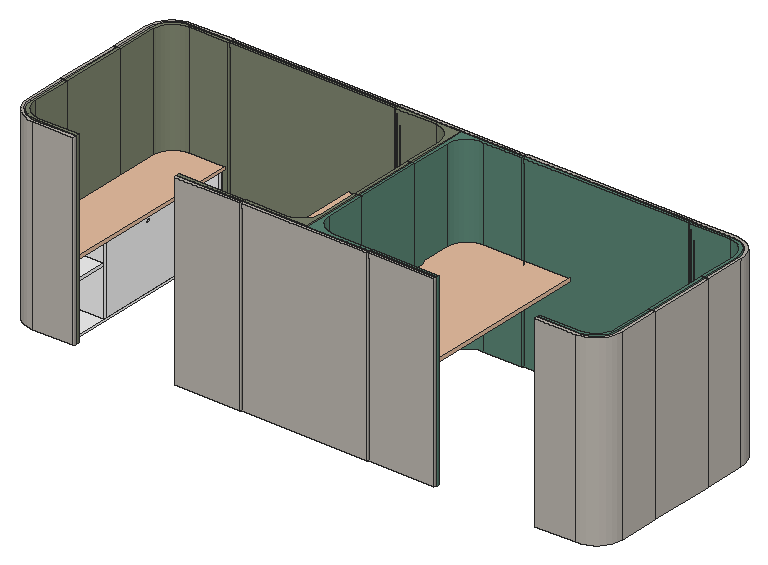
Revit family "NBS_Senator_MeetingPods_DuoAbode", category Furniture, Revit 2018
Family settings
  Work Plane-Based = No
  Always vertical = Yes
  Cut with Voids When Loaded = No
  Shared = No
  Room Calculation Point = No
Parameters
  WarrantyStartDate [instance] = "1900-12-31T23:59:59"
  WarrantyGuarantorParts = "contactus@thesenatorgroup.com"
  WarrantyGuarantorLabor = "n/a"
  WarrantyDurationUnit = "year"
  WarrantyDurationParts = "10"
  WarrantyDurationLabor = "n/a"
  WarrantyDescription = "Senator warrants that its manufactured products are free from manufacturing defects - in materials or workmanship - for a period of ten (10) years on Senator Seating ranges; and fifteen (15) years on Senator Desking ranges - exceptions are listed below. Senator will repair or replace (at Senator’s sole discretion) with comparable free of charge materials / components, any product / component, which fails under normal use in a single shift environment, as a result of a defect in the materials and / or workmanship"
  Version = "1"  # constant formula
  Uniclass2015Version = "Products v1.16"
  Uniclass2015Title = "Meeting Pods"
  Uniclass2015Code = "Pr_40_50_12_53"
  TagNumber [instance] = "n/a"
  SustainabilityPerformance = "99% recyclable"
  Style = "Meeting pods"
  StorageUnitMaterial = NBS_Senator_Wood_White
  TableTopMaterial = NBS_Senator_Wood_HighlandOak_2
  StorageTableTopMaterial = NBS_Senator_Wood_HighlandOak_2
  Status = "UNSET"
  Size = "4450 x 1500 x 1400 mm"
  Shape = "n/a"
  SerialNumber [instance] = "n/a"
  SeatWidth = "n/a"
  SeatDepth = "n/a"
  Revision = "n/a"
  ReplacementCost = "n/a"
  Reference = "n/a"
  ProductInformation = "http://www.thesenatorgroup.com/uk/senator/"
  NominalWidth = 1500 mm
  NominalLength = 1500 mm
  NominalHeight = 1400 mm
  NominalDepth = 4450 mm
  Name = "MeetingPods_DuoAbode_PDDA14_Senator"
  NBSReference = "45-35-20/342"
  NBSDescription = "Meeting pods"
  NBSCertification = "www.nationalbimlibrary.com/cert/fibzbmwh"
  ModelReference = "Pods-DuoAbode_PDDA14"
  ModelNumber = "PDDA14"
  Material = "Fabric, metal, plastic"
  ManufacturerURL = "www.senator.co.uk"
  ManufacturerName = "The Senator Group"  # constant formula
  Manufacturer = "sales@senator.co.uk"
  MainColor = "n/a"
  IsBuiltIn = no
  InstallationDate [instance] = "1900-12-31T23:59:59"
  InnerPanelMaterial2 = NBS_Senator_VirginWool_Montcrest
  InnerPanelMaterial = NBS_Senator_VirginWool_Lancaster
  OuterPanelMaterial = NBS_Senator_VirginWool_Fairfield
  KeyHoleMaterial = NBS_Senator_Polished_Aluminium
  IfcExportType = "USERDEFINED"  # constant formula
  IfcExportAs = "IfcFurnitureType"  # constant formula
  Grade = "n/a"
  FramesColour = "Black, white"
  FinishOptions = "Carini walnut, mocha, autumn, strata oak, maple, highland oak, beech, winter oak, hacienda white, white, light grey, denim, clay, lemon sorbet"
  Finish = "Outer vertical panels upholstered in camira, blazer fabric Two tone is standard"
  Features = "Internal frame with multi-layered acoustic foam, levelling adjusters, blazer fabric, outer vertical panels"
  FabricFinishOptions = "Plymouth, fairfield, latymer, lancaster, silcoates, silverdale, st andrews, trevelyan, ulster, wellington, wesley, manchester,"
  ExpectedLife = "10"
  DurationUnit = "year"
  DuoAdobeWidth = 1500 mm  # constant formula
  DuoAdobeHeight = 1400 mm
  DuoAdobeDepth = 4450 mm  # constant formula
  Description = "Duo Abode - 1400mm high"
  Constituents = "n/a"
  Color = "n/a"
  CodePerformance = "n/a"
  Category = "Pr_40_50_12_53:Meeting pods"
  BarCode [instance] = "n/a"
  BIMObjectName = "NBS_Senator_MeetingPods_DuoAbode_PDDA14"
  Author = "NBS"  # constant formula
  AssetType = "Fixed"
  AssetIdentifier [instance] = "n/a"
  Accessories = "Monitor arms, PU desk accessories, desk top accessories, CPU holders, electrical accessories, coat hanger, name plate, A2 dry wipe board with hanger, A3 dry wipe board with hanger"
  AccessibilityPerformance = "n/a"
Types (3, lengths in mm): name | TableTopMaterial | StorageTableTopMaterial | Size | NominalHeight | Name | ModelReference | ModelNumber | DuoAdobeHeight | Description | BIMObjectName
  (no name) | NBS_Senator_Wood_HighlandOak_2 | NBS_Senator_Wood_HighlandOak_2 | "4450 x 1500 x 1400 mm" | 1400 | "MeetingPods_DuoAbode_PDDA14_Senator" | "Pods-DuoAbode_PDDA14" | "PDDA14" | 1400 | "Duo Abode - 1400mm high" | "NBS_Senator_MeetingPods_DuoAbode_PDDA14"
  PDDA14 | NBS_Senator_Wood_HighlandOak_2 | NBS_Senator_Wood_HighlandOak_2 | "4450 x 1500 x 1400 mm" | 1400 | "MeetingPods_DuoAbode_PDDA14_Senator" | "Pods-DuoAbode_PDDA14" | "PDDA14" | 1400 | "Duo Abode - 1400mm high" | "NBS_Senator_MeetingPods_DuoAbode_PDDA14"
  PDDA18 | NBS_Senator_Wood_HighlandOak | NBS_Senator_Wood_HighlandOak | "4450 x 1500 x 1800 mm" | 1800 | "MeetingPods_DuoAbode_PDDA18_Senator" | "Pods-DuoAbode_PDDA18" | "PDDA18" | 1800 | "Duo Abode - 1800mm high" | "NBS_Senator_MeetingPods_DuoAbode_PDDA18"
Reference planes
  plane 1 "Center (Front/Back)": y = 0
  plane 2: z = 0
  plane 3 "Center (Left/Right)": x = 0
  plane 4 "Left": x = -2225
  plane 5 "Right": x = 2225
  plane 6 "Back": y = 750
  plane 7 "Front": y = -750
  plane 8 "Top": z = 1400
  plane 9: y = 699.15
  plane 10: y = -699.15
  plane 11: x = -2172.156
  plane 12: x = 2172.108
  plane 13: x = -824.808
  plane 14: x = 824.792
  plane 15: x = 1752.156
  plane 16: x = -1752.156
  plane 17: x = -2205
  plane 18: y = 730
  plane 19: y = -730
  plane 20: z = 8.16
  plane 21: x = 2205
  plane 22: y = -719.15
  plane 23: x = -2192.156
  plane 24: x = 2192.108
  plane 25: y = 719.15
  plane 26: x = 6.795
  plane 27: x = -6.795
  plane 28: z = 717.628
  plane 29: z = 692.628
  plane 30: x = 26.797
  plane 31: x = -26.797
Forms (mm)
  Extrusion 1, solid, material "NBS_Senator_VirginWool_Fairfield" <- "OuterPanelMaterial", detail levels medium+fine
    sketch origin (0, 0, 0) x (1, 0, 0) y (0, 1, 0)
      loop
        arc (-2225, -555) -> (-2167.886, -692.886) -> (-2030, -750) r 195
        line (-2030, -750) -> (-1727.949, -750)
        arc (-1727.949, -750) -> (-1722.923, -740.24) -> (-1726.88, -730) r 13.397
        line (-1726.88, -730) -> (-2030, -730)
        arc (-2030, -730) -> (-2153.744, -678.744) -> (-2205, -555) r 175
        line (-2205, -555) -> (-2205, -254.15)
        arc (-2205, -254.15) -> (-2215, -249.056) -> (-2225, -254.15) r 12.362
        line (-2225, -254.15) -> (-2225, -555)
      loop
        line (-2225, 243.15) -> (-2225, -243.071)
        arc (-2225, -243.071) -> (-2215, -248.166) -> (-2205, -243.071) r 12.362
        line (-2205, -243.071) -> (-2205, 243.15)
        arc (-2205, 243.15) -> (-2215, 248.151) -> (-2225, 243.15) r 12.499
      loop
        line (-2225, 555) -> (-2225, 254.15)
        arc (-2225, 254.15) -> (-2215, 249.056) -> (-2205, 254.15) r 12.362
        line (-2205, 254.15) -> (-2205, 555)
        arc (-2205, 555) -> (-2153.744, 678.744) -> (-2030, 730) r 175
        line (-2030, 730) -> (-1726.88, 730)
        arc (-1726.88, 730) -> (-1722.923, 740.24) -> (-1727.949, 750) r 13.397
        line (-1727.949, 750) -> (-2030, 750)
        arc (-2030, 750) -> (-2167.886, 692.886) -> (-2225, 555) r 195
      loop
        line (-1716.949, 730) -> (-480.65, 730)
        arc (-480.65, 730) -> (-475.617, 740) -> (-480.65, 750) r 12.451
        line (-480.65, 750) -> (-1716.949, 750)
        arc (-1716.949, 750) -> (-1721.982, 740) -> (-1716.949, 730) r 12.452
      loop
        arc (469.65, 730) -> (474.682, 740) -> (469.65, 750) r 12.451
        line (469.65, 750) -> (-469.632, 750)
        arc (-469.632, 750) -> (-474.665, 740) -> (-469.632, 730) r 12.451
        line (-469.632, 730) -> (469.65, 730)
      loop
        arc (1716.949, 730) -> (1721.982, 740) -> (1716.949, 750) r 12.452
        line (1716.949, 750) -> (480.65, 750)
        arc (480.65, 750) -> (475.617, 740) -> (480.65, 730) r 12.451
        line (480.65, 730) -> (1716.949, 730)
      loop
        arc (2225, 555) -> (2167.886, 692.886) -> (2030, 750) r 195
        line (2030, 750) -> (1727.949, 750)
        arc (1727.949, 750) -> (1722.923, 740.24) -> (1726.88, 730) r 13.397
        line (1726.88, 730) -> (2030, 730)
        arc (2030, 730) -> (2153.744, 678.744) -> (2205, 555) r 175
        line (2205, 555) -> (2205, 254.15)
        arc (2205, 254.15) -> (2215, 249.056) -> (2225, 254.15) r 12.362
        line (2225, 254.15) -> (2225, 555)
      loop
        line (2224.994, -555.018) -> (2224.997, -254.168)
        arc (2224.997, -254.168) -> (2214.997, -249.074) -> (2204.997, -254.168) r 12.362
        line (2204.997, -254.168) -> (2204.994, -555.018)
        arc (2204.994, -555.018) -> (2153.737, -678.761) -> (2029.993, -730.017) r 175
        line (2029.993, -730.017) -> (1726.873, -730.014)
        arc (1726.873, -730.014) -> (1722.916, -740.254) -> (1727.942, -750.014) r 13.397
        line (1727.942, -750.014) -> (2029.993, -750.017)
        arc (2029.993, -750.017) -> (2167.879, -692.903) -> (2224.994, -555.018) r 195
      loop
        arc (2225.001, 243.132) -> (2215.001, 248.133) -> (2205.001, 243.132) r 12.499
        line (2205.001, 243.132) -> (2204.997, -243.089)
        arc (2204.997, -243.089) -> (2214.997, -248.184) -> (2224.997, -243.089) r 12.362
        line (2224.997, -243.089) -> (2225.001, 243.132)
      loop
        line (469.65, -730) -> (-469.632, -730)
        arc (-469.632, -730) -> (-474.665, -740) -> (-469.632, -750) r 12.451
        line (-469.632, -750) -> (469.65, -750)
        arc (469.65, -750) -> (474.682, -740) -> (469.65, -730) r 12.451
      loop
        arc (-480.65, -750) -> (-475.648, -740) -> (-480.65, -730) r 12.497
        line (-480.65, -730) -> (-966.949, -730)
        arc (-966.949, -730) -> (-972.108, -740) -> (-966.949, -750) r 12.271
        line (-966.949, -750) -> (-480.65, -750)
      loop
        line (966.949, -730) -> (480.65, -730)
        arc (480.65, -730) -> (475.648, -740) -> (480.65, -750) r 12.497
        line (480.65, -750) -> (966.949, -750)
        arc (966.949, -750) -> (971.951, -740) -> (966.949, -730) r 12.497
    from 8.16 to 1400
  Extrusion 2, solid, material "NBS_Senator_VirginWool_Lancaster" <- "InnerPanelMaterial", detail levels medium+fine
    sketch origin (0, 0, 0) x (1, 0, 0) y (0, 1, 0)
      loop
        arc (-2027.156, 719.15) -> (-2143.829, 670.822) -> (-2192.156, 554.15) r 165
        line (-2192.156, 554.15) -> (-2192.156, 254.15)
        arc (-2192.156, 254.15) -> (-2182.156, 249.15) -> (-2172.156, 254.15) r 12.5
        line (-2172.156, 254.15) -> (-2172.156, 549.15)
        arc (-2172.156, 549.15) -> (-2128.222, 655.216) -> (-2022.156, 699.15) r 150
        line (-2022.156, 699.15) -> (-1727.949, 699.15)
        arc (-1727.949, 699.15) -> (-1722.949, 709.15) -> (-1727.949, 719.15) r 12.5
        line (-1727.949, 719.15) -> (-2027.156, 719.15)
      loop
        arc (-2192.156, -554.15) -> (-2143.829, -670.823) -> (-2027.156, -719.15) r 165
        line (-2027.156, -719.15) -> (-1727.949, -719.15)
        arc (-1727.949, -719.15) -> (-1722.949, -709.15) -> (-1727.949, -699.15) r 12.5
        line (-1727.949, -699.15) -> (-2022.156, -699.15)
        arc (-2022.156, -699.15) -> (-2128.222, -655.216) -> (-2172.156, -549.15) r 150
        line (-2172.156, -549.15) -> (-2172.156, -254.15)
        arc (-2172.156, -254.15) -> (-2182.156, -249.15) -> (-2192.156, -254.15) r 12.5
        line (-2192.156, -254.15) -> (-2192.156, -554.15)
      loop
        arc (-26.79, -549.149) -> (-70.724, -655.216) -> (-176.79, -699.15) r 150
        line (-176.79, -699.15) -> (-469.65, -699.15)
        arc (-469.65, -699.15) -> (-474.672, -709.15) -> (-469.65, -719.15) r 12.467
        line (-469.65, -719.15) -> (-6.795, -719.15) -> (-6.795, -252.015)
        arc (-6.795, -252.015) -> (-16.793, -247.002) -> (-26.791, -252.015) r 12.476
        line (-26.791, -252.015) -> (-26.79, -549.149)
      loop
        arc (-176.795, 699.15) -> (-70.729, 655.216) -> (-26.795, 549.15) r 150
        line (-26.795, 549.15) -> (-26.794, 256.285)
        arc (-26.794, 256.285) -> (-16.794, 251.047) -> (-6.795, 256.285) r 12.163
        line (-6.795, 256.285) -> (-6.795, 719.15) -> (-469.65, 719.15)
        arc (-469.65, 719.15) -> (-474.65, 709.15) -> (-469.65, 699.15) r 12.5
        line (-469.65, 699.15) -> (-176.795, 699.15)
      loop
        line (-2172.156, -243.15) -> (-2172.156, 243.15)
        arc (-2172.156, 243.15) -> (-2182.156, 248.15) -> (-2192.156, 243.15) r 12.5
        line (-2192.156, 243.15) -> (-2192.156, -243.15)
        arc (-2192.156, -243.15) -> (-2182.156, -248.15) -> (-2172.156, -243.15) r 12.5
      loop
        arc (-1716.949, 719.15) -> (-1721.954, 709.15) -> (-1716.949, 699.15) r 12.492
        line (-1716.949, 699.15) -> (-480.65, 699.15)
        arc (-480.65, 699.15) -> (-475.65, 709.15) -> (-480.65, 719.15) r 12.5
        line (-480.65, 719.15) -> (-1716.949, 719.15)
      loop
        line (-6.795, -241.015) -> (-6.795, 245.285)
        arc (-6.795, 245.285) -> (-16.794, 250.424) -> (-26.793, 245.285) r 12.297
        line (-26.793, 245.285) -> (-26.792, -241.02)
        arc (-26.792, -241.02) -> (-16.792, -246.016) -> (-6.795, -241.015) r 12.498
      loop
        arc (-480.65, -719.15) -> (-475.647, -709.15) -> (-480.65, -699.15) r 12.496
        line (-480.65, -699.15) -> (-966.949, -699.15)
        arc (-966.949, -699.15) -> (-971.957, -709.15) -> (-966.949, -719.15) r 12.488
        line (-966.949, -719.15) -> (-480.65, -719.15)
    from 8.16 to 1400
  Extrusion 3, solid, material "NBS_Senator_VirginWool_Fairfield" <- "OuterPanelMaterial", detail levels coarse
    sketch origin (0, 0, 0) x (1, 0, 0) y (0, 1, 0)
      loop
        arc (-2035, 755) -> (-2172.886, 697.886) -> (-2230, 560) r 195
        line (-2230, 560) -> (-2230, -562.5)
        arc (-2230, -562.5) -> (-2174.35, -696.85) -> (-2040, -752.5) r 190
        line (-2040, -752.5) -> (-1730.419, -752.5)
        arc (-1730.419, -752.5) -> (-1718.19, -724.575) -> (-1730.419, -696.65) r 38
        line (-1730.419, -696.65) -> (-2012.156, -696.65)
        arc (-2012.156, -696.65) -> (-2121.757, -651.251) -> (-2167.156, -541.65) r 155
        line (-2167.156, -541.65) -> (-2167.156, 541.65)
        arc (-2167.156, 541.65) -> (-2121.757, 651.251) -> (-2012.156, 696.65) r 155
        line (-2012.156, 696.65) -> (-178.047, 696.65)
        arc (-178.047, 696.65) -> (-71.981, 652.716) -> (-28.047, 546.65) r 150
        line (-28.047, 546.65) -> (-28.047, -549.15)
        arc (-28.047, -549.15) -> (-70.517, -651.68) -> (-173.047, -694.15) r 145
        line (-173.047, -694.15) -> (-961.474, -694.15)
        arc (-961.474, -694.15) -> (-976.708, -724.575) -> (-961.474, -755) r 38
        line (-961.474, -755) -> (961.474, -755)
        arc (961.474, -755) -> (976.708, -724.575) -> (961.474, -694.15) r 38
        line (961.474, -694.15) -> (173.828, -694.15)
        arc (173.828, -694.15) -> (71.297, -651.68) -> (28.828, -549.15) r 145
        line (28.828, -549.15) -> (28.828, 551.65)
        arc (28.828, 551.65) -> (71.297, 654.18) -> (173.828, 696.65) r 145
        line (173.828, 696.65) -> (2017.108, 696.65)
        arc (2017.108, 696.65) -> (2123.174, 652.716) -> (2167.108, 546.65) r 150
        line (2167.108, 546.65) -> (2167.108, -545.803)
        arc (2167.108, -545.803) -> (2122.926, -652.468) -> (2016.261, -696.65) r 150.846
        line (2016.261, -696.65) -> (1730.66, -696.65)
        arc (1730.66, -696.65) -> (1718.432, -724.575) -> (1730.66, -752.5) r 38
        line (1730.66, -752.5) -> (2035.821, -752.5)
        arc (2035.821, -752.5) -> (2173.126, -695.626) -> (2230, -558.321) r 194.179
        line (2230, -558.321) -> (2230, 560.935)
        arc (2230, 560.935) -> (2173.16, 698.16) -> (2035.935, 755) r 194.065
        line (2035.935, 755) -> (-2035, 755)
    from 8.16 to 1400
  Extrusion 4, solid, material "NBS_Senator_VirginWool_Montcrest" <- "InnerPanelMaterial2", detail levels medium+fine
    sketch origin (0, 0, 0) x (1, 0, 0) y (0, 1, 0)
      loop
        arc (2027.108, -719.15) -> (2143.78, -670.823) -> (2192.108, -554.15) r 165
        line (2192.108, -554.15) -> (2192.108, -254.15)
        arc (2192.108, -254.15) -> (2182.108, -249.15) -> (2172.108, -254.15) r 12.5
        line (2172.108, -254.15) -> (2172.108, -549.15)
        arc (2172.108, -549.15) -> (2128.174, -655.216) -> (2022.108, -699.15) r 150
        line (2022.108, -699.15) -> (1728.191, -699.15)
        arc (1728.191, -699.15) -> (1722.949, -709.15) -> (1728.191, -719.15) r 12.16
        line (1728.191, -719.15) -> (2027.108, -719.15)
      loop
        arc (2192.108, 554.15) -> (2143.78, 670.822) -> (2027.108, 719.15) r 165
        line (2027.108, 719.15) -> (1727.949, 719.15)
        arc (1727.949, 719.15) -> (1722.949, 709.15) -> (1727.949, 699.15) r 12.5
        line (1727.949, 699.15) -> (2022.108, 699.15)
        arc (2022.108, 699.15) -> (2128.174, 655.216) -> (2172.108, 549.15) r 150
        line (2172.108, 549.15) -> (2172.108, 254.17)
        arc (2172.108, 254.17) -> (2182.108, 249.15) -> (2192.108, 254.17) r 12.47
        line (2192.108, 254.17) -> (2192.108, 554.15)
      loop
        arc (26.795, 549.15) -> (70.729, 655.216) -> (176.795, 699.15) r 150
        line (176.795, 699.15) -> (469.65, 699.15)
        arc (469.65, 699.15) -> (474.65, 709.15) -> (469.65, 719.15) r 12.5
        line (469.65, 719.15) -> (6.795, 719.15) -> (6.795, 256.285)
        arc (6.795, 256.285) -> (16.794, 251.236) -> (26.794, 256.285) r 12.425
        line (26.794, 256.285) -> (26.795, 549.15)
      loop
        line (26.79, -549.149) -> (26.791, -252.015)
        arc (26.791, -252.015) -> (16.793, -247.01) -> (6.795, -252.015) r 12.489
        line (6.795, -252.015) -> (6.795, -719.15) -> (469.65, -719.15)
        arc (469.65, -719.15) -> (474.65, -709.15) -> (469.65, -699.15) r 12.5
        line (469.65, -699.15) -> (176.79, -699.15)
        arc (176.79, -699.15) -> (70.724, -655.216) -> (26.79, -549.149) r 150
      loop
        line (480.65, 699.15) -> (1716.949, 699.15)
        arc (1716.949, 699.15) -> (1721.949, 709.15) -> (1716.949, 719.15) r 12.5
        line (1716.949, 719.15) -> (480.65, 719.15)
        arc (480.65, 719.15) -> (475.65, 709.15) -> (480.65, 699.15) r 12.5
      loop
        line (2172.108, 243.15) -> (2172.108, -243.15)
        arc (2172.108, -243.15) -> (2182.108, -248.15) -> (2192.108, -243.15) r 12.5
        line (2192.108, -243.15) -> (2192.108, 243.15)
        arc (2192.108, 243.15) -> (2182.108, 248.15) -> (2172.108, 243.15) r 12.5
      loop
        line (966.949, -699.15) -> (480.65, -699.15)
        arc (480.65, -699.15) -> (475.462, -709.15) -> (480.65, -719.15) r 12.232
        line (480.65, -719.15) -> (966.949, -719.15)
        arc (966.949, -719.15) -> (971.952, -709.15) -> (966.949, -699.15) r 12.496
      loop
        arc (6.795, -241.015) -> (16.793, -246.028) -> (26.792, -241.015) r 12.476
        line (26.792, -241.015) -> (26.793, 245.285)
        arc (26.793, 245.285) -> (16.794, 250.285) -> (6.795, 245.285) r 12.498
        line (6.795, 245.285) -> (6.795, -241.015)
    from 0 to 1400
Dimensions and locks
  equal spacing: plane 4 "Left", plane 3 "Center (Left/Right)", plane 5 "Right"
  "DuoAdobeDepth": plane 4 "Left" to plane 5 "Right"
  equal spacing: plane 6 "Back", plane 1 "Center (Front/Back)", plane 7 "Front"
  "DuoAdobeWidth": plane 6 "Back" to plane 7 "Front"
  "DuoAdobeHeight": plane 8 "Top" to plane 2
  locked: plane 4 "Left" to plane 11 at 52.844
  locked: plane 12 to plane 5 "Right" at 52.892
  locked: plane 6 "Back" to plane 9 at 50.85
  locked: plane 10 to plane 7 "Front" at 50.85
  locked: plane 13 to plane 3 "Center (Left/Right)" at 824.808
  locked: plane 3 "Center (Left/Right)" to plane 14 at 824.792
  locked: plane 15 to plane 5 "Right" at 472.844
  locked: plane 4 "Left" to plane 16 at 472.844
  plane 20 to level = 8.16 mm
  plane 18 to plane 6 "Back" = 20 mm
  plane 4 "Left" to plane 17 = 20 mm
  plane 7 "Front" to plane 19 = 20 mm
  plane 21 to plane 5 "Right" = 20 mm
  plane 22 to plane 10 = 20 mm
  plane 23 to plane 11 = 20 mm
  plane 9 to plane 25 = 20 mm  (x2)
  locked: plane 28 to plane 29 at 25
  locked: plane 28 to level at 717.628
  plane 3 "Center (Left/Right)" to plane 30 = 26.797 mm
  plane 31 to plane 3 "Center (Left/Right)" = 26.797 mm
  equal spacing: plane 27, plane 3 "Center (Left/Right)", plane 26
  plane 12 to plane 24 = 20 mm
  aligned and locked: level to plane 2
  aligned and locked: plane 4 "Left" to Extrusion 1 sketch curve
  aligned and locked: plane 7 "Front" to Extrusion 1 sketch curve  (x2)
  aligned and locked: Extrusion 1 sketch curve to plane 4 "Left"  (x2)
  aligned and locked: plane 6 "Back" to Extrusion 1 sketch curve
  aligned and locked: Extrusion 1 sketch curve to plane 18  (x3)
  aligned and locked: plane 17 to Extrusion 1 sketch curve
  aligned and locked: Extrusion 1 sketch curve to plane 19  (x4)
  aligned and locked: plane 18 to Extrusion 1 sketch curve  (x2)
  aligned and locked: Extrusion 1 sketch curve to plane 6 "Back"  (x3)
  aligned and locked: Extrusion 1 to plane 8 "Top"
  aligned and locked: plane 20 to Extrusion 1
  aligned and locked: Extrusion 1 sketch curve to plane 7 "Front"  (x2)
  aligned and locked: plane 25 to Extrusion 2 sketch curve
  aligned and locked: plane 23 to Extrusion 2 sketch curve
  aligned and locked: Extrusion 2 sketch curve to plane 9
  aligned and locked: plane 11 to Extrusion 2 sketch curve
  aligned and locked: plane 16 to nested 1
  aligned and locked: nested 2 to plane 15
  aligned and locked: nested 2 to plane 10
  aligned and locked: nested 3 to plane 10
  aligned and locked: plane 14 to nested 4
  aligned and locked: plane 28 to nested 4
  aligned and locked: plane 28 to nested 3
  aligned and locked: plane 20 to Extrusion 2
  aligned and locked: Extrusion 2 to plane 8 "Top"
  aligned and locked: plane 27 to Extrusion 2 sketch curve  (x2)
  aligned and locked: Extrusion 3 to plane 8 "Top"
  aligned and locked: plane 20 to Extrusion 3
  aligned and locked: Extrusion 4 to plane 8 "Top"
  aligned and locked: Extrusion 4 to plane 2
Automatic sketch dimensions
  Extrusion 1 sketch curve to Extrusion 1 sketch curve = 0 mm  (x11)
  Extrusion 1 sketch curve to plane 17 = 0 mm
  Extrusion 1 sketch curve to plane 6 "Back" = 0 mm
  Extrusion 1 sketch curve to plane 5 "Right" = 0 mm
  plane 4 "Left" to Extrusion 1 sketch curve = 10 mm  (x4)
  plane 11 to Extrusion 1 sketch curve = 142.156 mm  (x2)
  Extrusion 1 sketch curve to plane 16 = 15.855 mm  (x2)
  Extrusion 1 sketch curve to Extrusion 1 sketch curve = 8.352 mm  (x2)
  Extrusion 1 sketch curve to Extrusion 1 sketch curve = 9.931 mm  (x2)
  Extrusion 1 sketch curve to Extrusion 1 sketch curve = 11 mm  (x7)
  Extrusion 1 sketch curve to Extrusion 1 sketch curve = 7.419 mm  (x9)
  plane 13 to Extrusion 1 sketch curve = 142.141 mm
  Extrusion 1 sketch curve to Extrusion 1 sketch curve = 7.111 mm
  plane 7 "Front" to Extrusion 1 sketch curve = 10 mm  (x3)
  Extrusion 1 sketch curve to plane 13 = 336.663 mm
  Extrusion 1 sketch curve to Extrusion 1 sketch curve = 7.495 mm  (x3)
  Extrusion 1 sketch curve to Extrusion 1 sketch curve = 11.018 mm  (x5)
  Extrusion 1 sketch curve to plane 14 = 134.662 mm
  plane 19 to Extrusion 1 sketch curve = 0.014 mm
  plane 15 to Extrusion 1 sketch curve = 25.283 mm
  Extrusion 1 sketch curve to plane 7 "Front" = 0.014 mm
  Extrusion 1 sketch curve to Extrusion 1 sketch curve = 1.069 mm
  plane 19 to Extrusion 1 sketch curve = 9.539 mm
  Extrusion 1 sketch curve to plane 18 = 9.525 mm
  Extrusion 1 sketch curve to plane 7 "Front" = 0.017 mm
  plane 19 to Extrusion 1 sketch curve = 0.017 mm
  Extrusion 1 sketch curve to Extrusion 1 sketch curve = 0.001 mm
  Extrusion 1 sketch curve to plane 5 "Right" = 10.003 mm  (x2)
  Extrusion 1 sketch curve to plane 5 "Right" = 10 mm
  Extrusion 1 sketch curve to plane 5 "Right" = 9.999 mm
  Extrusion 1 sketch curve to plane 5 "Right" = 0.003 mm  (x2)
  plane 5 "Right" to Extrusion 1 sketch curve = 0.001 mm
  plane 10 to Extrusion 1 sketch curve = 144.132 mm
  Extrusion 1 sketch curve to Extrusion 1 sketch curve = 7.268 mm  (x6)
  Extrusion 1 sketch curve to Extrusion 1 sketch curve = 11.079 mm  (x2)
  Extrusion 1 sketch curve to plane 1 "Center (Front/Back)" = 235.634 mm
  Extrusion 1 sketch curve to plane 1 "Center (Front/Back)" = 235.652 mm
  Extrusion 1 sketch curve to Extrusion 1 sketch curve = 7.498 mm  (x2)
  Extrusion 1 sketch curve to Extrusion 1 sketch curve = 9.421 mm  (x2)
  Extrusion 1 sketch curve to plane 6 "Back" = 10 mm  (x2)
  Extrusion 1 sketch curve to plane 13 = 336.74 mm
  plane 14 to Extrusion 1 sketch curve = 362.561 mm  (x2)
  plane 15 to Extrusion 1 sketch curve = 42.626 mm
  Extrusion 1 sketch curve to plane 12 = 142.115 mm
  Extrusion 1 sketch curve to plane 12 = 142.113 mm
  Extrusion 1 sketch curve to plane 12 = 142.108 mm
  Extrusion 1 sketch curve to plane 5 "Right" = 20.006 mm
  Extrusion 1 sketch curve to Extrusion 1 sketch curve = 10 mm
  plane 1 "Center (Front/Back)" to Extrusion 1 sketch curve = 261.435 mm
  plane 1 "Center (Front/Back)" to Extrusion 1 sketch curve = 261.417 mm
  Extrusion 2 sketch curve to plane 23 = 0 mm  (x2)
  Extrusion 2 sketch curve to plane 11 = 0 mm  (x2)
  plane 22 to Extrusion 2 sketch curve = 0 mm  (x2)
  Extrusion 2 sketch curve to plane 10 = 0 mm  (x3)
  Extrusion 2 sketch curve to plane 9 = 0 mm  (x2)
  plane 25 to Extrusion 2 sketch curve = 0 mm  (x2)
  Extrusion 2 sketch curve to plane 27 = 0 mm
  Extrusion 2 sketch curve to plane 11 = 10 mm  (x4)
  Extrusion 2 sketch curve to plane 9 = 145 mm
  plane 11 to Extrusion 2 sketch curve = 145 mm
  Extrusion 2 sketch curve to Extrusion 2 sketch curve = 5 mm  (x2)
  Extrusion 2 sketch curve to plane 16 = 16.707 mm  (x2)
  Extrusion 2 sketch curve to Extrusion 2 sketch curve = 7.5 mm  (x7)
  Extrusion 2 sketch curve to Extrusion 2 sketch curve = 11 mm  (x10)
  Extrusion 2 sketch curve to Extrusion 2 sketch curve = 7.487 mm
  plane 13 to Extrusion 2 sketch curve = 142.141 mm
  Extrusion 2 sketch curve to Extrusion 2 sketch curve = 0 mm
  Extrusion 2 sketch curve to Extrusion 2 sketch curve = 7.481 mm
  plane 9 to Extrusion 2 sketch curve = 10 mm
  Extrusion 2 sketch curve to plane 13 = 336.659 mm
  Extrusion 2 sketch curve to plane 10 = 10 mm
  Extrusion 2 sketch curve to plane 13 = 336.666 mm
  Extrusion 2 sketch curve to Extrusion 2 sketch curve = 7.499 mm  (x3)
  Extrusion 2 sketch curve to Extrusion 2 sketch curve = 7.493 mm
  Extrusion 2 sketch curve to Extrusion 2 sketch curve = 7.445 mm
  Extrusion 2 sketch curve to plane 31 = 149.998 mm
  Extrusion 2 sketch curve to plane 31 = 149.993 mm
  plane 31 to Extrusion 2 sketch curve = 0.002 mm
  plane 31 to Extrusion 2 sketch curve = 0.004 mm  (x2)
  plane 31 to Extrusion 2 sketch curve = 0.006 mm  (x2)
  plane 31 to Extrusion 2 sketch curve = 0.007 mm
  Extrusion 2 sketch curve to plane 27 = 10 mm
  Extrusion 2 sketch curve to plane 27 = 9.999 mm  (x2)
  Extrusion 2 sketch curve to plane 27 = 9.998 mm
  plane 1 "Center (Front/Back)" to Extrusion 2 sketch curve = 261.65 mm
  Extrusion 2 sketch curve to Extrusion 2 sketch curve = 7.463 mm
  Extrusion 2 sketch curve to Extrusion 2 sketch curve = 10.995 mm
  Extrusion 2 sketch curve to plane 1 "Center (Front/Back)" = 235.65 mm
  Extrusion 2 sketch curve to Extrusion 2 sketch curve = 7.158 mm
  Extrusion 2 sketch curve to Extrusion 2 sketch curve = 6.925 mm
  Extrusion 2 sketch curve to plane 22 = 0 mm
  Extrusion 3 sketch curve to plane 4 "Left" = 5 mm
  plane 11 to Extrusion 3 sketch curve = 5 mm
  Extrusion 3 sketch curve to Extrusion 3 sketch curve = 127.156 mm
  Extrusion 3 sketch curve to Extrusion 3 sketch curve = 132.156 mm
  plane 10 to Extrusion 3 sketch curve = 2.5 mm  (x2)
  Extrusion 3 sketch curve to Extrusion 3 sketch curve = 27.844 mm
  Extrusion 3 sketch curve to Extrusion 3 sketch curve = 22.844 mm
  plane 16 to Extrusion 3 sketch curve = 4.034 mm
  Extrusion 3 sketch curve to plane 7 "Front" = 2.5 mm  (x2)
  Extrusion 3 sketch curve to plane 16 = 21.738 mm  (x2)
  Extrusion 3 sketch curve to plane 7 "Front" = 5 mm
  plane 13 to Extrusion 3 sketch curve = 136.666 mm
  plane 10 to Extrusion 3 sketch curve = 5 mm  (x2)
  Extrusion 3 sketch curve to Extrusion 3 sketch curve = 0 mm
  Extrusion 3 sketch curve to Extrusion 3 sketch curve = 22.767 mm  (x3)
  Extrusion 3 sketch curve to plane 31 = 151.25 mm
  Extrusion 3 sketch curve to plane 31 = 146.25 mm
  Extrusion 3 sketch curve to plane 31 = 1.25 mm
  plane 30 to Extrusion 3 sketch curve = 2.031 mm
  Extrusion 3 sketch curve to Extrusion 3 sketch curve = 145 mm  (x2)
  Extrusion 3 sketch curve to plane 14 = 113.916 mm
  plane 15 to Extrusion 3 sketch curve = 21.496 mm  (x2)
  Extrusion 3 sketch curve to plane 15 = 4.276 mm
  Extrusion 3 sketch curve to plane 12 = 155.846 mm
  Extrusion 3 sketch curve to plane 12 = 155 mm
  Extrusion 3 sketch curve to Extrusion 3 sketch curve = 19.559 mm
  plane 6 "Back" to Extrusion 3 sketch curve = 5 mm
  Extrusion 3 sketch curve to Extrusion 3 sketch curve = 18.827 mm
  Extrusion 3 sketch curve to plane 12 = 5 mm
  plane 5 "Right" to Extrusion 3 sketch curve = 5 mm
  Extrusion 3 sketch curve to Extrusion 3 sketch curve = 18.35 mm
  Extrusion 3 sketch curve to Extrusion 3 sketch curve = 14.285 mm
  Extrusion 2 sketch curve to Extrusion 2 sketch curve = 0.001 mm
  plane 1 "Center (Front/Back)" to Extrusion 2 sketch curve = 259.478 mm
  Extrusion 2 sketch curve to plane 1 "Center (Front/Back)" = 238.127 mm
  Extrusion 2 sketch curve to plane 9 = 149.999 mm
  Extrusion 4 sketch curve to plane 10 = 0 mm  (x3)
  Extrusion 4 sketch curve to plane 9 = 0 mm  (x3)
  Extrusion 4 sketch curve to plane 12 = 0 mm  (x3)
  Extrusion 4 sketch curve to plane 10 = 20 mm  (x2)
  Extrusion 4 sketch curve to plane 12 = 145 mm  (x2)
  Extrusion 4 sketch curve to Extrusion 4 sketch curve = 5 mm  (x3)
  plane 15 to Extrusion 4 sketch curve = 16.707 mm
  plane 15 to Extrusion 4 sketch curve = 17.048 mm
  Extrusion 4 sketch curve to Extrusion 4 sketch curve = 6.918 mm  (x2)
  Extrusion 4 sketch curve to Extrusion 4 sketch curve = 7.5 mm  (x8)
  Extrusion 4 sketch curve to Extrusion 4 sketch curve = 11 mm  (x9)
  Extrusion 4 sketch curve to plane 14 = 142.157 mm
  Extrusion 4 sketch curve to Extrusion 4 sketch curve = 0 mm  (x2)
  Extrusion 4 sketch curve to Extrusion 4 sketch curve = 7.493 mm
  plane 9 to Extrusion 4 sketch curve = 10 mm  (x2)
  plane 14 to Extrusion 4 sketch curve = 336.643 mm
  Extrusion 4 sketch curve to plane 10 = 10 mm
  plane 14 to Extrusion 4 sketch curve = 337.098 mm
  Extrusion 4 sketch curve to Extrusion 4 sketch curve = 7.044 mm  (x2)
  Extrusion 4 sketch curve to Extrusion 4 sketch curve = 7.499 mm  (x2)
  plane 30 to Extrusion 4 sketch curve = 149.998 mm
  plane 30 to Extrusion 4 sketch curve = 149.993 mm
  Extrusion 4 sketch curve to plane 30 = 0.002 mm
  Extrusion 4 sketch curve to plane 30 = 0.004 mm  (x2)
  Extrusion 4 sketch curve to plane 30 = 0.006 mm  (x2)
  Extrusion 4 sketch curve to plane 30 = 0.007 mm
  Extrusion 4 sketch curve to plane 30 = 10.003 mm  (x2)
  Extrusion 4 sketch curve to plane 30 = 10.004 mm  (x2)
  plane 3 "Center (Left/Right)" to Extrusion 4 sketch curve = 6.795 mm  (x3)
  plane 12 to Extrusion 4 sketch curve = 10 mm  (x4)
  plane 12 to Extrusion 4 sketch curve = 20 mm
  Extrusion 4 sketch curve to Extrusion 4 sketch curve = 10 mm
  Extrusion 4 sketch curve to Extrusion 4 sketch curve = 0.001 mm
  plane 1 "Center (Front/Back)" to Extrusion 4 sketch curve = 261.65 mm
  plane 1 "Center (Front/Back)" to Extrusion 4 sketch curve = 259.499 mm
  Extrusion 4 sketch curve to Extrusion 4 sketch curve = 7.484 mm
  Extrusion 4 sketch curve to Extrusion 4 sketch curve = 7.463 mm
  Extrusion 4 sketch curve to plane 1 "Center (Front/Back)" = 235.65 mm
  Extrusion 4 sketch curve to plane 1 "Center (Front/Back)" = 237.787 mm
  Extrusion 4 sketch curve to Extrusion 4 sketch curve = 7.498 mm
  Extrusion 4 sketch curve to Extrusion 4 sketch curve = 11.02 mm
  Extrusion 4 sketch curve to Extrusion 4 sketch curve = 7.45 mm
  Extrusion 4 sketch curve to Extrusion 4 sketch curve = 7.376 mm
  Extrusion 4 sketch curve to plane 9 = 149.999 mm
Nested families
  nested 1: "NBS_Senator_StorageUnit_PDASF2" at (-1962.156, 0.85, 0) x (0, 1, 0) z (0, 0, 1), type "NBS_Senator_StorageUnit_PDASF2"
  nested 2: "NBS_Senator_StorageUnit_PDASF2" at (1962.156, 0.85, 0) x (0, -1, 0) z (0, 0, 1), type "NBS_Senator_StorageUnit_PDASF2"
  nested 3: "NBS_Senator_MeetingPods_Desk_PDSAT2" at (-424.808, 0.85, 692.628) x (0, -1, 0) z (0, 0, 1), type "NBS_Senator_Desk_PDSAT2"
  nested 4: "NBS_Senator_MeetingPods_Desk_PDSAT2" at (424.792, 0.85, 692.628) x (0, 1, 0) z (0, 0, 1), type "NBS_Senator_Desk_PDSAT2"
Definition of nested family "NBS_Senator_StorageUnit_PDASF2"
  Parameters (values of type "NBS_Senator_StorageUnit_PDASF2")
    StorageUnitMaterial = none
    StorageUnitDepth = 420 mm
    StorageUnitWidth = 1400 mm
    StorageUnitHeight = 560 mm
    StorageUnitDeskTopMaterial = none
    KeyHoleMaterial = none
  Reference planes
    plane 1 "Center (Front/Back)": y = 0
    plane 2: z = 0
    plane 3 "Center (Left/Right)": x = 0
    plane 4 "Back": y = 210
    plane 5 "Front": y = -210
    plane 6 "Left": x = -700
    plane 7 "Right": x = 700
    plane 8 "Top": z = 560
    plane 9: z = 535
  Forms (mm)
    Extrusion 1, solid, material <- "StorageUnitMaterial", detail levels coarse
      sketch origin (0, 0, 0) x (1, 0, 0) y (0, 1, 0)
        loop
          arc (-550, 210) -> (-656.066, 166.066) -> (-700, 60) r 150
          line (-700, 60) -> (-700, -210) -> (700, -210) -> (700, 60)
          arc (700, 60) -> (656.066, 166.066) -> (550, 210) r 150
          line (550, 210) -> (-550, 210)
      from 0 to 535
    Extrusion 2, solid, material <- "StorageUnitDeskTopMaterial"
      sketch origin (0, 0, 0) x (1, 0, 0) y (0, 1, 0)
        loop
          arc (-550, 210) -> (-656.066, 166.066) -> (-700, 60) r 150
          line (-700, 60) -> (-700, -210) -> (700, -210) -> (700, 60)
          arc (700, 60) -> (656.066, 166.066) -> (550, 210) r 150
          line (550, 210) -> (-550, 210)
      from 535 to 560
    Extrusion 3, solid, material <- "StorageUnitMaterial", detail levels medium+fine
      sketch origin (0, 0, 0) x (1, 0, 0) y (0, 0, 1)
        loop
          line (-406.85, 393) -> (-667.027, 393) -> (-667.027, 375) -> (-406.85, 375) -> (-406.85, 393)
        loop
          line (666.983, 393) -> (406.806, 393) -> (406.806, 375) -> (666.983, 375) -> (666.983, 393)
      from -42.048 to 188.834
    Extrusion 4, solid, material <- "StorageUnitMaterial", detail levels medium+fine
      sketch origin (0, 0, 0) x (1, 0, 0) y (0, 1, 0)
        loop
          line (-700, -189.952) -> (700, -189.952) -> (700, 57.213) -> (-700, 57.213) -> (-700, -189.952)
      from 0 to 16
    Extrusion 5, solid, material <- "StorageUnitMaterial", detail levels medium+fine
      sketch origin (0, 0, -165) x (1, 0, 0) y (0, 1, 0)
        loop
          line (-390.85, -173.834) -> (-390.85, -188.834) -> (390.806, -188.834) -> (390.806, -173.834) -> (-390.85, -173.834)
      from 181 to 700
    Extrusion 6, solid, material <- "StorageUnitMaterial", detail levels medium+fine
      sketch origin (0, 0, 0) x (1, 0, 0) y (0, 1, 0)
        loop
          line (-683.027, 42.213) -> (683.095, 42.213) -> (683.095, -189.952) -> (700, -189.952) -> (700, 57.213) -> (-700, 57.213) -> (-700, -189.952) -> (-683.027, -189.952) -> (-683.027, 42.213)
      from 16 to 535
    Extrusion 7, solid, material <- "StorageUnitMaterial"
      sketch origin (0, 0, 0) x (1, 0, 0) y (0, 1, 0)
        loop
          line (-683.027, -189.952) -> (-667.027, -189.952) -> (-667.027, 42.213) -> (-683.027, 42.213) -> (-683.027, -189.952)
        loop
          line (-406.777, -189.952) -> (-390.777, -189.952) -> (-390.777, 42.213) -> (-406.777, 42.213) -> (-406.777, -189.952)
        loop
          line (390.806, -189.952) -> (406.806, -189.952) -> (406.806, 42.213) -> (390.806, 42.213) -> (390.806, -189.952)
        loop
          line (667.056, -189.952) -> (683.056, -189.952) -> (683.056, 42.213) -> (667.056, 42.213) -> (667.056, -189.952)
      from 16 to 535
    Blend 8, solid, material <- "KeyHoleMaterial", detail levels fine
      base sketch origin (0, 0, 0) x (1, 0, 0) y (0, 0, 1)
        loop
          line (-5.774, 510) -> (-11.547, 500) -> (-5.774, 490) -> (5.774, 490) -> (11.547, 500) -> (5.774, 510) -> (-5.774, 510)
      top sketch origin (0, 0, 0) x (1, 0, 0) y (0, 0, 1)
        loop
          line (-3.849, 506.667) -> (-7.698, 500) -> (-3.849, 493.333) -> (3.849, 493.333) -> (7.698, 500) -> (3.849, 506.667) -> (-3.849, 506.667)
      from 188.834 to 193.303
  Dimensions and locks
    equal spacing: plane 6 "Left", plane 3 "Center (Left/Right)", plane 7 "Right"
    "StorageUnitWidth": plane 6 "Left" to plane 7 "Right"
    equal spacing: plane 4 "Back", plane 1 "Center (Front/Back)", plane 5 "Front"
    "StorageUnitDepth": plane 4 "Back" to plane 5 "Front"
    "StorageUnitHeight": plane 8 "Top" to level
    locked: plane 8 "Top" to plane 9 at 25
    aligned and locked: level to plane 2
    aligned and locked: Extrusion 1 sketch curve to plane 4 "Back"
    aligned and locked: plane 5 "Front" to Extrusion 1 sketch curve
    aligned and locked: plane 6 "Left" to Extrusion 1 sketch curve
    aligned and locked: Extrusion 1 sketch curve to plane 7 "Right"
    aligned and locked: plane 9 to Extrusion 1
    aligned and locked: Extrusion 2 sketch curve to plane 4 "Back"
    aligned and locked: plane 5 "Front" to Extrusion 2 sketch curve
    aligned and locked: Extrusion 2 sketch curve to plane 7 "Right"
    aligned and locked: plane 6 "Left" to Extrusion 2 sketch curve
    aligned and locked: plane 8 "Top" to Extrusion 2
    aligned and locked: Extrusion 2 to plane 9
    aligned and locked: plane 6 "Left" to Extrusion 4 sketch curve
    aligned and locked: Extrusion 4 sketch curve to plane 7 "Right"
    aligned and locked: plane 9 to Extrusion 6
    aligned and locked: plane 9 to Extrusion 7
    aligned and locked: Extrusion 7 to Extrusion 5
    aligned and locked: Blend 8 to Extrusion 5
    aligned and locked: Extrusion 4 sketch curve to Extrusion 6
  Automatic sketch dimensions
    Extrusion 1 sketch curve to plane 1 "Center (Front/Back)" = 60 mm
    Extrusion 1 sketch curve to plane 7 "Right" = 150 mm
    Extrusion 2 sketch curve to plane 1 "Center (Front/Back)" = 60 mm
    Extrusion 2 sketch curve to plane 7 "Right" = 150 mm
    plane 6 "Left" to Extrusion 3 sketch curve = 32.973 mm
    Extrusion 3 sketch curve to Extrusion 3 sketch curve = 260.177 mm
    Extrusion 3 sketch curve to plane 7 "Right" = 293.194 mm
    Extrusion 3 sketch curve to plane 7 "Right" = 33.017 mm
    Extrusion 3 sketch curve to plane 9 = 160 mm  (x2)
    Extrusion 3 sketch curve to Extrusion 3 sketch curve = 18 mm  (x2)
    Extrusion 6 sketch curve to plane 6 "Left" = 0 mm
    Extrusion 6 sketch curve to plane 7 "Right" = 0 mm
    plane 6 "Left" to Extrusion 6 sketch curve = 16.973 mm
    Extrusion 6 sketch curve to plane 7 "Right" = 16.905 mm
    plane 5 "Front" to Extrusion 6 sketch curve = 20.048 mm  (x2)
    Extrusion 6 sketch curve to plane 1 "Center (Front/Back)" = 42.213 mm
    Extrusion 6 sketch curve to Extrusion 6 sketch curve = 15 mm
    plane 5 "Front" to Extrusion 5 sketch curve = 36.166 mm
    plane 6 "Left" to Extrusion 5 sketch curve = 309.15 mm
    plane 5 "Front" to Extrusion 5 sketch curve = 21.166 mm
    Extrusion 5 sketch curve to plane 7 "Right" = 309.194 mm
    plane 6 "Left" to Extrusion 7 sketch curve = 16.973 mm
    Extrusion 7 sketch curve to Extrusion 7 sketch curve = 16 mm  (x4)
    plane 5 "Front" to Extrusion 7 sketch curve = 20.048 mm  (x4)
    Extrusion 7 sketch curve to Extrusion 7 sketch curve = 260.25 mm
    Extrusion 7 sketch curve to plane 7 "Right" = 309.194 mm
    Extrusion 7 sketch curve to plane 7 "Right" = 32.944 mm
    Extrusion 7 sketch curve to plane 1 "Center (Front/Back)" = 42.213 mm  (x4)
    plane 5 "Front" to Extrusion 4 sketch curve = 20.048 mm
Definition of nested family "NBS_Senator_MeetingPods_Desk_PDSAT2"
  Parameters (values of type "NBS_Senator_MeetingPods_Desk_PDSAT2")
    DeskWidth = 1400 mm
    DeskThickness = 25 mm
    DeskMaterial = none
    DeskDepth = 800 mm
  Reference planes
    plane 1 "Back": y = 0
    plane 2 "Bottom": z = 0
    plane 3 "Center (Left/Right)": x = 0
    plane 4 "Left": x = -700
    plane 5 "Right": x = 700
    plane 6 "Front": y = -400
    plane 7 "Top": z = 25
    plane 8: y = 400
  Forms (mm)
    Extrusion 1, solid, material <- "DeskMaterial", detail levels medium+fine
      sketch origin (0, 400, 0) x (1, 0, 0) y (0, 1, 0)
        loop
          arc (-550, 0) -> (-656.066, -43.934) -> (-700, -150) r 150
          line (-700, -150) -> (-700, -800) -> (700, -800) -> (700, -150)
          arc (700, -150) -> (656.066, -43.934) -> (550, 0) r 150
          line (550, 0) -> (369.041, 0) -> (289.799, -29.69) -> (126.526, -29.69) -> (84.186, -54.135) -> (-84.186, -54.135) -> (-126.526, -29.69) -> (-289.799, -29.69) -> (-369.041, 0) -> (-550, 0)
      from 0 to 25
    Extrusion 2, solid, material <- "DeskMaterial", detail levels coarse
      sketch origin (0, 0, 0) x (1, 0, 0) y (0, 1, 0)
        loop
          arc (-552, 400) -> (-656.652, 356.652) -> (-700, 252) r 148
          line (-700, 252) -> (-700, -400) -> (700, -400) -> (700, 257.372)
          arc (700, 257.372) -> (658.225, 358.225) -> (557.372, 400) r 142.628
          line (557.372, 400) -> (-552, 400)
      from 0 to 25
  Dimensions and locks
    equal spacing: plane 4 "Left", plane 3 "Center (Left/Right)", plane 5 "Right"
    "DeskWidth": plane 4 "Left" to plane 5 "Right"
    Extrusion 1 sketch curve to Extrusion 1 sketch curve to Extrusion 1 sketch curve to plane 3 "Center (Left/Right)" to Extrusion 1 sketch curve to Extrusion 1 sketch curve to Extrusion 1 sketch curve = 79.242 mm locked, 163.273 mm locked, 126.526 mm locked, 126.526 mm locked, 163.273 mm locked, 79.242 mm locked
    "DeskThickness": plane 7 "Top" to level
    equal spacing: plane 8, plane 1 "Back", plane 6 "Front"
    "DeskDepth": plane 8 to plane 6 "Front"
    aligned and locked: level to plane 2 "Bottom"
    aligned and locked: plane 4 "Left" to Extrusion 1 sketch curve
    aligned and locked: Extrusion 1 sketch curve to plane 5 "Right"
    aligned and locked: Extrusion 1 to plane 2 "Bottom"
    aligned and locked: plane 7 "Top" to Extrusion 1
    aligned and locked: Extrusion 1 to plane 6 "Front"
    aligned and locked: Extrusion 1 to plane 4 "Left"
    aligned and locked: plane 5 "Right" to Extrusion 1
    aligned and locked: plane 8 to Extrusion 1  (x2)
    aligned and locked: Extrusion 2 sketch curve to plane 8
    aligned and locked: plane 4 "Left" to Extrusion 2 sketch curve
    aligned and locked: plane 6 "Front" to Extrusion 2 sketch curve
    aligned and locked: Extrusion 2 sketch curve to plane 5 "Right"
    aligned and locked: plane 7 "Top" to Extrusion 2
  Automatic sketch dimensions
    plane 4 "Left" to Extrusion 1 sketch curve = 150 mm
    Extrusion 1 sketch curve to plane 1 "Back" = 250 mm  (x2)
    Extrusion 1 sketch curve to plane 1 "Back" = 370.31 mm  (x2)
    Extrusion 1 sketch curve to Extrusion 1 sketch curve = 42.34 mm  (x2)
    Extrusion 1 sketch curve to plane 1 "Back" = 400 mm
    Extrusion 1 sketch curve to Extrusion 1 sketch curve = 24.445 mm
    plane 1 "Back" to Extrusion 1 sketch curve = 400 mm
    Extrusion 2 sketch curve to Extrusion 2 sketch curve = 148 mm
    Extrusion 2 sketch curve to plane 5 "Right" = 142.628 mm
